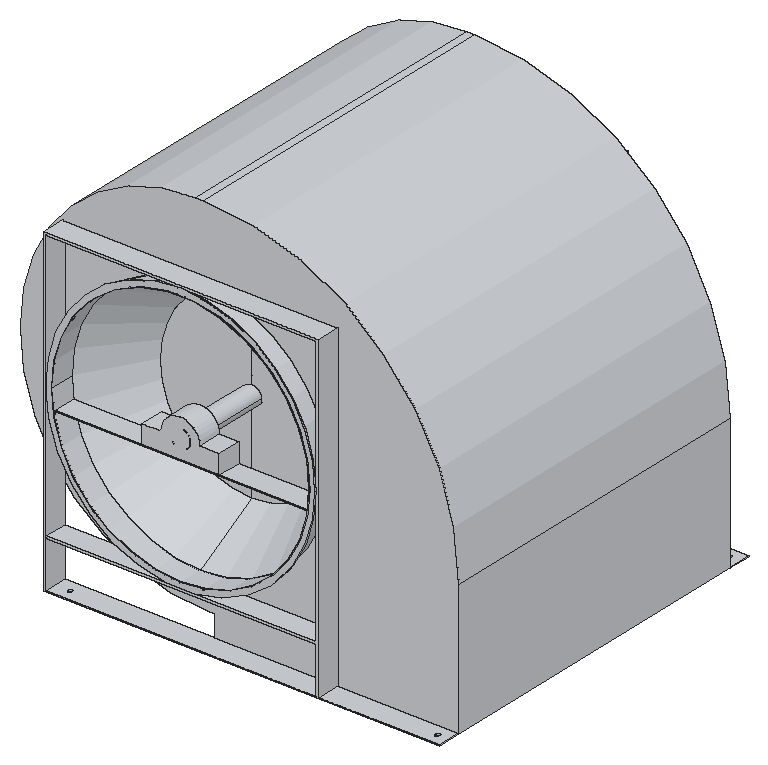
Revit family "CAF_DWDI_CCW_DBD", category Mechanical Equipment, Revit 2019 (continued)
Types (59): name | V+(D-(A+.25"))/2 | V | U-N | U | T/2 | T | S/2 | S | OLD_R/2 | OLD_R | P | N | M | L | K/2 | K | INLET/4 | INLET/2 | INLET | H-J | G-(R/2) | G-(INLET/2)-1.625" | G+(INLET/2)+1.625" | OLD_G | E/2 | DB_R | DB_J | DB_H | DB_G | DB_F | DB_E | DB_D | D/2 | C/2 | C+C | C | BOTTOM | B/2 | B+.25" | B | A/2 | A+.25" | A | D/7 | Type Comments | -P | -(B+.25")/2 | (M-(B+.25")/2 | (INLET/2)-.125" | (INLET/2)+1.625" | (INLET/2)+1.5" | (D-(A+.25"))/2 | (B+.25")/2 | (A+.25")/2 | ((M+U+U+N+N)-((B+.25")/2))/2
  165_CAF-DWDI_CCW_DBD_CLASS_3 | 1 15/16" | 1" | 1 9/16" | 8 1/16" | 13 3/16" | 26 3/8" | 13 11/16" | 27 3/8" | 12 1/8" | 24 1/4" | 38 5/16" | 6 1/2" | 28 1/8" | 14 1/16" | 15/32" | 15/16" | 5 19/64" | 10 19/32" | 21 3/16" | 13 1/8" | 1" | 1 1/32" | 25 7/32" | 13 1/8" | 13 1/16" | 7/8" | 30 9/16" | 1 1/16" | 12 11/16" | 31 3/16" | 13 1/8" | 27 1/2" | 9 17/32" | 1 3/32" | 4 3/8" | 2 3/16" | 7 3/16" | 12" | 24 1/4" | 24" | 8 15/32" | 17 3/16" | 16 15/16" | 1 151/256" | "Centrifugal Airfoil Blower Counter-Clockwise Down Blast Arrangement 3 Low Profile Class 3" | -38 5/16" | -12 1/8" | 1 15/16" | 10 15/32" | 12 3/32" | 12 1/32" | 15/16" | 12 1/8" | 8 19/32" | 3 1/2"
  180_CAF-DWDI_CCW_DBD_CLASS_3 | 1 15/16" | 1" | 1 9/16" | 8 1/16" | 14 7/32" | 28 7/16" | 14 7/8" | 29 3/4" | 13 3/8" | 26 3/4" | 40 3/8" | 6 1/2" | 30 3/16" | 15 1/8" | 15/32" | 15/16" | 5 43/64" | 11 11/32" | 22 11/16" | 14 5/16" | 15/16" | 1 15/32" | 27 5/32" | 14 5/16" | 14 3/32" | 7/8" | 32 7/8" | 1 1/16" | 13 13/16" | 33 15/16" | 14 5/16" | 30" | 10 5/16" | 1 3/32" | 4 3/8" | 2 3/16" | 7 27/32" | 13 1/32" | 26 5/16" | 26 1/16" | 9 1/4" | 18 3/4" | 18 1/2" | 1 23/32" | "Centrifugal Airfoil Blower Counter-Clockwise Down Blast Arrangement 3 Low Profile Class 3" | -40 3/8" | -13 5/32" | 1 15/16" | 11 7/32" | 12 27/32" | 12 25/32" | 15/16" | 13 5/32" | 9 3/8" | 3 1/2"
  195_CAF-DWDI_CCW_DBD_CLASS_3 | 1 31/32" | 1" | 1 9/16" | 8 1/16" | 15 21/32" | 31 5/16" | 16 11/32" | 32 11/16" | 14 1/4" | 28 1/2" | 42 3/4" | 6 1/2" | 33 9/16" | 16 13/16" | 15/32" | 15/16" | 6 3/64" | 12 3/32" | 24 3/16" | 15 1/2" | 1 1/4" | 1 29/32" | 29 3/32" | 15 1/2" | 15 5/16" | 7/8" | 36 3/8" | 2 1/16" | 14 15/16" | 37 11/16" | 15 1/2" | 32 7/16" | 10 27/32" | 1 3/32" | 4 3/8" | 2 3/16" | 8 15/32" | 14 7/32" | 28 11/16" | 28 7/16" | 9 3/4" | 19 3/4" | 19 1/2" | 1 207/256" | "Centrifugal Airfoil Blower Counter-Clockwise Down Blast Arrangement 3 Low Profile Class 3" | -42 3/4" | -14 11/32" | 2 7/16" | 11 31/32" | 13 19/32" | 13 17/32" | 31/32" | 14 11/32" | 9 7/8" | 4"
  210_CAF-DWDI_CCW_DBD_CLASS_3 | 1 31/32" | 1" | 1 9/16" | 8 9/16" | 16 5/8" | 33 1/4" | 17 17/32" | 35 1/16" | 15" | 30" | 45 3/16" | 7" | 35 1/2" | 17 3/4" | 15/32" | 15/16" | 6 31/64" | 12 31/32" | 25 15/16" | 16 11/16" | 1 11/16" | 2 7/32" | 31 5/32" | 16 11/16" | 16 9/32" | 1 1/8" | 38 11/16" | 2 1/16" | 16 1/8" | 40 3/8" | 16 11/16" | 34 15/16" | 11 29/32" | 1 3/32" | 4 3/8" | 2 3/16" | 9 1/8" | 15 3/16" | 30 5/8" | 30 3/8" | 10 13/16" | 21 7/8" | 21 5/8" | 1 63/64" | "Centrifugal Airfoil Blower Counter-Clockwise Down Blast Arrangement 3 Low Profile Class 3" | -45 3/16" | -15 5/16" | 2 7/16" | 12 27/32" | 14 15/32" | 14 13/32" | 31/32" | 15 5/16" | 10 15/16" | 4"
  225_CAF-DWDI_CCW_DBD_CLASS_3 | 2 15/32" | 1" | 1 9/16" | 8 9/16" | 17 11/16" | 35 3/8" | 18 3/4" | 37 1/2" | 15 7/8" | 31 3/4" | 47 5/16" | 7" | 37 5/8" | 18 13/16" | 15/32" | 15/16" | 6 55/64" | 13 23/32" | 27 7/16" | 17 13/16" | 1 15/16" | 2 19/32" | 33 1/32" | 17 13/16" | 17 27/32" | 1 1/8" | 41 3/16" | 2 1/16" | 17 1/4" | 43 1/8" | 17 13/16" | 37 7/16" | 13 3/16" | 1 3/32" | 4 3/8" | 2 3/16" | 9 25/32" | 16 1/4" | 32 3/4" | 32 1/2" | 11 19/32" | 23 7/16" | 23 3/16" | 2 51/256" | "Centrifugal Airfoil Blower Counter-Clockwise Down Blast Arrangement 3 Low Profile Class 3" | -47 5/16" | -16 3/8" | 2 7/16" | 13 19/32" | 15 7/32" | 15 5/32" | 1 15/32" | 16 3/8" | 11 23/32" | 4"
  245_CAF-DWDI_CCW_DBD_CLASS_3 | 2 15/32" | 1" | 9/16" | 7 9/16" | 19 9/32" | 38 9/16" | 20 1/8" | 40 1/4" | 16 7/8" | 33 3/4" | 50 13/16" | 7" | 41 3/16" | 20 5/8" | 17/32" | 1 1/16" | 7 23/64" | 14 23/32" | 29 7/16" | 19 3/8" | 2 1/2" | 3 5/32" | 35 19/32" | 19 3/8" | 19 1/8" | 1 5/16" | 44 7/16" | 2 1/16" | 18 3/4" | 46 3/4" | 19 3/8" | 40 11/16" | 14 11/32" | 1 7/32" | 4 7/8" | 2 7/16" | 10 21/32" | 17 17/32" | 35 5/16" | 35 1/16" | 12 3/4" | 25 3/4" | 25 1/2" | 2 25/64" | "Centrifugal Airfoil Blower Counter-Clockwise Down Blast Arrangement 3 Low Profile Class 3" | -50 13/16" | -17 21/32" | 2 15/16" | 14 19/32" | 16 7/32" | 16 5/32" | 1 15/32" | 17 21/32" | 12 7/8" | 3 1/2"
  270_CAF-DWDI_CCW_DBD_CLASS_3 | 2 15/32" | 1" | 9/16" | 7 11/16" | 21 15/32" | 42 15/16" | 22 1/8" | 44 1/4" | 18 3/4" | 37 1/2" | 55 5/16" | 7 1/8" | 45 9/16" | 22 13/16" | 17/32" | 1 1/16" | 7 63/64" | 15 31/32" | 31 15/16" | 21 5/16" | 2 9/16" | 3 27/32" | 38 25/32" | 21 5/16" | 21 5/16" | 1 5/16" | 48 1/2" | 2 1/16" | 20 11/16" | 51 5/16" | 21 5/16" | 44 13/16" | 15 11/32" | 1 7/32" | 4 7/8" | 2 7/16" | 11 3/4" | 19 23/32" | 39 11/16" | 39 7/16" | 13 3/4" | 27 3/4" | 27 1/2" | 2 143/256" | "Centrifugal Airfoil Blower Counter-Clockwise Down Blast Arrangement 3 Low Profile Class 3" | -55 5/16" | -19 27/32" | 2 15/16" | 15 27/32" | 17 15/32" | 17 13/32" | 1 15/32" | 19 27/32" | 13 7/8" | 3 1/2"
  300_CAF-DWDI_CCW_DBD_CLASS_3 | 2 15/32" | 1" | 5/8" | 7 3/4" | 23 1/4" | 46 1/2" | 24 15/32" | 48 15/16" | 20 1/4" | 40 1/2" | 58 7/8" | 7 1/8" | 49 1/8" | 24 9/16" | 17/32" | 1 1/16" | 8 47/64" | 17 15/32" | 34 15/16" | 23 11/16" | 3 7/16" | 4 23/32" | 42 21/32" | 23 11/16" | 1 5/16" | 1 1/8" | 53 3/16" | 2 1/16" | 22 15/16" | 56 13/16" | 23 11/16" | 49 3/4" | 17 3/16" | 1 7/32" | 4 7/8" | 2 7/16" | 13 1/32" | 21 1/2" | 43 1/4" | 43" | 15 19/32" | 31 7/16" | 31 3/16" | 2 221/256" | "Centrifugal Airfoil Blower Counter-Clockwise Down Blast Arrangement 3 Low Profile Class 3" | -58 7/8" | -21 5/8" | 2 15/16" | 17 11/32" | 18 31/32" | 18 29/32" | 1 15/32" | 21 5/8" | 15 23/32" | 3 9/16"
  330_CAF-DWDI_CCW_DBD_CLASS_3 | 3" | 1" | -3/8" | 6 3/4" | 25 7/8" | 51 3/4" | 26 15/32" | 52 15/16" | 20 25/32" | 41 9/16" | 64" | 7 1/8" | 55 1/4" | 27 5/8" | 17/32" | 1 1/16" | 9 31/64" | 18 31/32" | 37 15/16" | 26" | 5 9/32" | 5 19/32" | 46 17/32" | 26 1/16" | 25 21/32" | 1 5/16" | 58 3/16" | 2 1/8" | 25 5/16" | 62 5/16" | 26 1/16" | 54 3/4" | 19 3/8" | 1 7/32" | 4 7/8" | 2 7/16" | 14 11/32" | 23 17/32" | 47 5/16" | 47 1/16" | 17 1/4" | 34 3/4" | 34 1/2" | 3 59/256" | "Centrifugal Airfoil Blower Counter-Clockwise Down Blast Arrangement 3 Low Profile Class 3" | -64" | -23 21/32" | 3 31/32" | 18 27/32" | 20 15/32" | 20 13/32" | 2" | 23 21/32" | 17 3/8" | 3 19/32"
  365_CAF-DWDI_CCW_DBD_CLASS_3 | 3" | 1" | 1/8" | 7 3/4" | 28 7/16" | 56 7/8" | 29 1/2" | 59" | 22 21/32" | 45 5/16" | 70 1/8" | 7 5/8" | 60 3/8" | 30 3/16" | 17/32" | 1 1/16" | 10 23/64" | 20 23/32" | 41 7/16" | 28 3/4" | 6 3/32" | 6 17/32" | 50 31/32" | 28 3/4" | 28 7/32" | 1 3/4" | 64 1/4" | 2 5/8" | 27 15/16" | 69 3/16" | 28 3/4" | 60 1/2" | 21 15/32" | 1 15/32" | 5 7/8" | 2 15/16" | 15 7/8" | 26 3/32" | 52 7/16" | 52 3/16" | 19 11/32" | 38 15/16" | 38 11/16" | 3 37/64" | "Centrifugal Airfoil Blower Counter-Clockwise Down Blast Arrangement 3 Low Profile Class 3" | -70 1/8" | -26 7/32" | 3 31/32" | 20 19/32" | 22 7/32" | 22 5/32" | 2" | 26 7/32" | 19 15/32" | 4 3/32"
  402_CAF-DWDI_CCW_DBD_CLASS_3 | 3 31/32" | 1 15/16" | 5/8" | 10 3/4" | 31 3/4" | 63 1/2" | 31 15/16" | 63 7/8" | 24 27/32" | 49 11/16" | 80 3/4" | 10 1/8" | 68" | 34" | 17/32" | 1 1/16" | 11 19/64" | 22 19/32" | 45 3/16" | 31 5/8" | 6 25/32" | 7 17/32" | 55 23/32" | 31 5/8" | 31" | 2 1/4" | 70 7/16" | 2 5/8" | 30 3/4" | 75 15/16" | 31 5/8" | 66 5/8" | 23 1/32" | 1 23/32" | 6 7/8" | 3 7/16" | 17 15/32" | 28 29/32" | 58 1/16" | 57 13/16" | 20 7/8" | 42" | 41 3/4" | 3 215/256" | "Centrifugal Airfoil Blower Counter-Clockwise Down Blast Arrangement 3 Low Profile Class 3" | -80 3/4" | -29 1/32" | 4 31/32" | 22 15/32" | 24 3/32" | 24 1/32" | 2 1/32" | 29 1/32" | 21" | 5 19/32"
  445_CAF-DWDI_CCW_DBD_CLASS_3 | 4" | 1 15/16" | 5/8" | 10 3/4" | 35" | 70" | 35 5/16" | 70 5/8" | 26 31/32" | 53 15/16" | 87 1/4" | 10 1/8" | 74 1/2" | 37 1/4" | 17/32" | 1 1/16" | 12 23/64" | 24 23/32" | 49 7/16" | 35" | 8 1/32" | 8 25/32" | 61 7/32" | 35" | 34 9/32" | 2 1/4" | 77 1/8" | 2 5/8" | 34 1/16" | 83 13/16" | 35" | 73 3/4" | 25 5/32" | 1 23/32" | 6 7/8" | 3 7/16" | 19 11/32" | 32 1/8" | 64 1/2" | 64 1/4" | 22 31/32" | 46 3/16" | 45 15/16" | 4 49/256" | "Centrifugal Airfoil Blower Counter-Clockwise Down Blast Arrangement 3 Low Profile Class 3" | -87 1/4" | -32 1/4" | 5" | 24 19/32" | 26 7/32" | 26 5/32" | 2 1/16" | 32 1/4" | 23 3/32" | 5 5/8"
  490_CAF-DWDI_CCW_DBD_CLASS_3 | 4" | 1 15/16" | -1 3/8" | 12 1/8" | 38 7/16" | 76 7/8" | 38 3/8" | 76 3/4" | 29 11/32" | 58 11/16" | 98 1/2" | 13 1/2" | 82 3/8" | 41 3/16" | 17/32" | 1 1/16" | 13 3/4" | 27 1/2" | 55" | 38 9/16" | 9 7/32" | 9 9/16" | 67 9/16" | 38 9/16" | 37 7/32" | 2 3/4" | 84 1/2" | 2 5/8" | 37 1/2" | 92" | 38 9/16" | 81 1/8" | 27 11/16" | 1 31/32" | 7 7/8" | 3 15/16" | 21 9/32" | 35 1/16" | 70 3/8" | 70 1/8" | 25 1/2" | 51 1/4" | 51" | 4 157/256" | "Centrifugal Airfoil Blower Counter-Clockwise Down Blast Arrangement 3 Low Profile Class 3" | -98 1/2" | -35 3/16" | 6" | 27 3/8" | 29" | 28 15/16" | 2 1/16" | 35 3/16" | 25 5/8" | 4 5/8"
  540_CAF-DWDI_CCW_DBD_CLASS_3 | 4" | 1 15/16" | 5/8" | 16 3/8" | 42 13/32" | 84 13/16" | 42 9/32" | 84 9/16" | 31 27/32" | 63 11/16" | 110 11/16" | 15 3/4" | 90 5/16" | 45 1/8" | 19/32" | 1 3/16" | 15" | 30" | 60" | 42 7/16" | 10 19/32" | 10 15/16" | 73 15/16" | 42 7/16" | 41 3/32" | 2 3/4" | 92 5/16" | 2 11/16" | 41 3/8" | 101 3/16" | 42 7/16" | 89 7/16" | 30 1/16" | 2 7/32" | 8 7/8" | 4 7/16" | 23 15/32" | 38 31/32" | 78 3/16" | 77 15/16" | 27 7/8" | 56" | 55 3/4" | 5 3/256" | "Centrifugal Airfoil Blower Counter-Clockwise Down Blast Arrangement 3 Low Profile Class 3" | -110 11/16" | -39 3/32" | 6 1/16" | 29 7/8" | 31 1/2" | 31 7/16" | 2 1/16" | 39 3/32" | 28" | 6 11/16"
  600_CAF-DWDI_CCW_DBD_CLASS_3 | 5" | 2 15/16" | 1/8" | 16" | 46 9/16" | 93 1/8" | 46 31/32" | 93 15/16" | 35" | 70" | 118 5/8" | 15 7/8" | 98 5/8" | 49 5/16" | 19/32" | 1 3/16" | 16 1/2" | 33" | 66" | 47 1/8" | 12 1/8" | 12 5/8" | 81 5/8" | 47 1/8" | 45 9/32" | 2 3/4" | 101 11/16" | 2 11/16" | 45 15/16" | 112 1/8" | 47 1/8" | 99 5/16" | 33 9/32" | 2 15/32" | 9 7/8" | 4 15/16" | 26 3/32" | 43 1/8" | 86 1/2" | 86 1/4" | 31 3/32" | 62 7/16" | 62 3/16" | 5 35/64" | "Centrifugal Airfoil Blower Counter-Clockwise Down Blast Arrangement 3 Low Profile Class 3" | -118 5/8" | -43 1/4" | 6 1/16" | 32 7/8" | 34 1/2" | 34 7/16" | 2 1/16" | 43 1/4" | 31 7/32" | 6 3/16"
